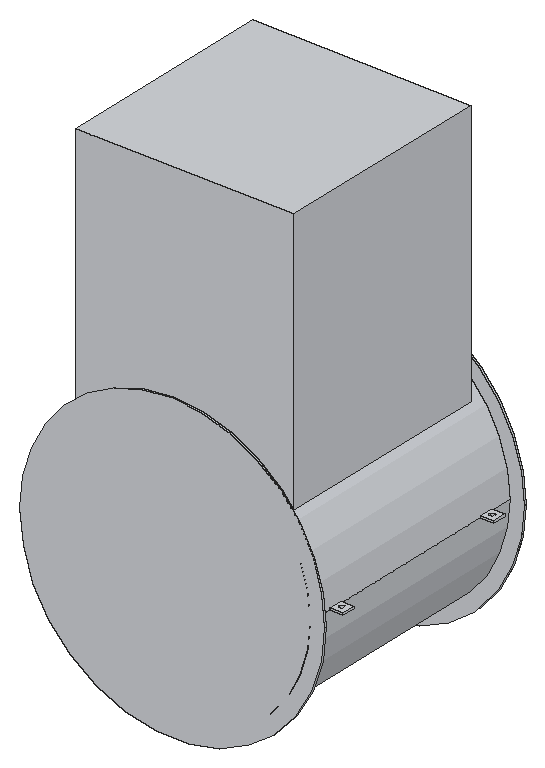
Revit family "AFB-H_Horizontal_Ceiling_Mount", category Mechanical Equipment, Revit 2019
Family settings
  Round Connector Dimension = Use Radius
  Part Type = Normal
  Work Plane-Based = No
  Always vertical = Yes
  Cut with Voids When Loaded = No
  Shared = No
  Room Calculation Point = No
Parameters (values of type "36_AFB-H_HOR_CEILING")
  Unit Weight [instance] = ""
  ModelID [instance] = ""
  M/2 = M / 2  # 0' - 0 11/32"
  M = 0' - 0 11/16"
  L = 0' - 4 1/4"
  K/2 = K / 2  # 1' - 0 3/4"
  K = 2' - 1 1/2"
  J/2 = J / 2  # 1' - 7 9/16"
  J = 3' - 3 1/8"
  CENTER = 0' - 0"  # constant formula
  H-(A/2) = H - (A / 2)  # 2' - 4 3/4"
  H+J = H + CENTER  # 3' - 11 1/4"
  H = 3' - 11 1/4"
  Sones [instance] = ""
  Motor RPM [instance] = ""
  Motor Enclosure [instance] = ""
  LwA [instance] = ""
  G = 6' - 0"
  Fan RPM [instance] = ""
  F/2 = F / 2  # 0' - 0 7/32"
  F = 0' - 0 7/16"
  E/2 = E / 2  # 1' - 5"
  E-2" = E - 0' 2"  # 2' - 8"
  E = 2' - 10"
  C/2+J = C / 2 + CENTER  # 1' - 7 1/2"
  C/2 = C / 2  # 1' - 7 1/2"
  C = 3' - 3"
  B/2 = B / 2  # 1' - 8 11/16"
  B = 3' - 5 3/8"
  Accessories [instance] = ""
  A/3 = A / 2.5  # 1' - 2.8"
  A/2 = A / 2  # 1' - 6 1/2"
  A = 3' - 1"
  60 = 60.00°  # constant formula
  30 = 30.00°  # constant formula
  3" = 0' - 3"  # constant formula
  Brake Hp [instance] = ""
  4" = 0' - 4"  # constant formula
  2' = 2' - 0"
  2" = 0' - 2"  # constant formula
  1" = 0' - 1"  # constant formula
  0 = 0' - 0"  # constant formula
  Voltage [instance] = 0 V
  URL = "www.lorencook.com"
  Type Comments = "Tube Axial Fan Horizontal Ceiling Mount High Temperature Construction Belt Drive Arrangement 9"  # constant formula
  Static Pressure [instance] = 0.00 in-wg
  Power [instance] = Voltage * Motor FLA * sqrt(if(Phase = 3, 3, 1))  # 0 VA
  Phase [instance] = 0
  Number of Poles [instance] = 1
  Motor Hp [instance] = "0"
  Motor FLA [instance] = 0 A
  Model = "AFB-H"  # constant formula
  Manufacturer = "Loren Cook Company"
  CFM [instance] = 0 CFM
  1.5 = 0' - 1 1/2"  # constant formula
  ONE EIGTH = 0' - 0 1/8"  # constant formula
  -E/2 = -E / 2  # -1' - 5"
  -(E-.25")/2 = -(E - 0' 0 1/4") / 2  # -1' - 4 7/8"
  (K/2)-((J-A-.25")/2) = (K / 2) - ((J - A - 0' 0 1/4") / 2)  # 0' - 11 13/16"
  (J-A-.25") = (J - A - 0' 0 1/4")  # 0' - 1 7/8"
  (H-(A/2))/2 = (H - (A / 2)) / 2  # 1' - 2 3/8"
  (E-.25")/2 = (E - 0' 0 1/4") / 2  # 1' - 4 7/8"
  (A+.25")/2 = (A + 0' 0 1/4") / 2  # 1' - 6 5/8"
Types (10): name | M/2 | M | L | K/2 | K | J/2 | J | H-(A/2) | H+J | H | F/2 | F | E/2 | E-2" | E | C/2+J | C/2 | C | B/2 | B | A/3 | A/2 | A | -E/2 | -(E-.25")/2 | (K/2)-((J-A-.25")/2) | (J-A-.25") | (H-(A/2))/2 | (E-.25")/2 | (A+.25")/2
  (no name) | 0' - 0 11/32" | 0' - 0 11/16" | 0' - 4 1/4" | 1' - 0 3/4" | 2' - 1 1/2" | 1' - 7 9/16" | 3' - 3 1/8" | 2' - 4 3/4" | 3' - 11 1/4" | 3' - 11 1/4" | 0' - 0 7/32" | 0' - 0 7/16" | 1' - 5" | 2' - 8" | 2' - 10" | 1' - 7 1/2" | 1' - 7 1/2" | 3' - 3" | 1' - 8 11/16" | 3' - 5 3/8" | 1' - 2.8" | 1' - 6 1/2" | 3' - 1" | -1' - 5" | -1' - 4 7/8" | 0' - 11 13/16" | 0' - 1 7/8" | 1' - 2 3/8" | 1' - 4 7/8" | 1' - 6 5/8"
  12_AFB-H_HOR_CEILING | 0' - 0 7/32" | 0' - 0 7/16" | 0' - 3 1/2" | 0' - 7 1/2" | 1' - 3" | 0' - 7 1/2" | 1' - 3" | 1' - 6 3/16" | 2' - 0 5/8" | 2' - 0 5/8" | 0' - 0 5/32" | 0' - 0 5/16" | 0' - 11" | 1' - 8" | 1' - 10" | 0' - 7 5/16" | 0' - 7 5/16" | 1' - 2 5/8" | 0' - 7 13/16" | 1' - 3 5/8" | 0' - 5.15" | 0' - 6 7/16" | 1' - 0 7/8" | -0' - 11" | -0' - 10 7/8" | 0' - 6 9/16" | 0' - 1 7/8" | 0' - 9 3/32" | 0' - 10 7/8" | 0' - 6 9/16"
  16_AFB-H_HOR_CEILING | 0' - 0 7/32" | 0' - 0 7/16" | 0' - 3 1/2" | 0' - 9" | 1' - 6" | 0' - 9 1/2" | 1' - 7" | 1' - 9 11/16" | 2' - 6 1/8" | 2' - 6 1/8" | 0' - 0 5/32" | 0' - 0 5/16" | 1' - 0 1/2" | 1' - 11" | 2' - 1" | 0' - 9 5/16" | 0' - 9 5/16" | 1' - 6 5/8" | 0' - 9 13/16" | 1' - 7 5/8" | 0' - 6 3/4" | 0' - 8 7/16" | 1' - 4 7/8" | -1' - 0 1/2" | -1' - 0 3/8" | 0' - 8 1/16" | 0' - 1 7/8" | 0' - 10 27/32" | 1' - 0 3/8" | 0' - 8 9/16"
  18_AFB-H_HOR_CEILING | 0' - 0 7/32" | 0' - 0 7/16" | 0' - 3 1/2" | 0' - 9" | 1' - 6" | 0' - 10 1/2" | 1' - 9" | 1' - 9 11/16" | 2' - 7 1/8" | 2' - 7 1/8" | 0' - 0 5/32" | 0' - 0 5/16" | 1' - 0 1/2" | 1' - 11" | 2' - 1" | 0' - 10 5/16" | 0' - 10 5/16" | 1' - 8 5/8" | 0' - 10 13/16" | 1' - 9 5/8" | 0' - 7.55" | 0' - 9 7/16" | 1' - 6 7/8" | -1' - 0 1/2" | -1' - 0 3/8" | 0' - 8 1/16" | 0' - 1 7/8" | 0' - 10 27/32" | 1' - 0 3/8" | 0' - 9 9/16"
  24_AFB-H_HOR_CEILING | 0' - 0 7/32" | 0' - 0 7/16" | 0' - 3 1/2" | 0' - 11 1/2" | 1' - 11" | 1' - 1 1/2" | 2' - 3" | 2' - 3 7/16" | 3' - 3 7/8" | 3' - 3 7/8" | 0' - 0 7/32" | 0' - 0 7/16" | 1' - 3 1/2" | 2' - 5" | 2' - 7" | 1' - 1 7/16" | 1' - 1 7/16" | 2' - 2 7/8" | 1' - 2 9/16" | 2' - 5 1/8" | 0' - 9.95" | 1' - 0 7/16" | 2' - 0 7/8" | -1' - 3 1/2" | -1' - 3 3/8" | 0' - 10 9/16" | 0' - 1 7/8" | 1' - 1 23/32" | 1' - 3 3/8" | 1' - 0 9/16"
  28_AFB-H_HOR_CEILING | 0' - 0 7/32" | 0' - 0 7/16" | 0' - 4" | 0' - 11 1/2" | 1' - 11" | 1' - 3 1/2" | 2' - 7" | 2' - 3 7/16" | 3' - 5 7/8" | 3' - 5 7/8" | 0' - 0 7/32" | 0' - 0 7/16" | 1' - 3 1/2" | 2' - 5" | 2' - 7" | 1' - 3 7/16" | 1' - 3 7/16" | 2' - 6 7/8" | 1' - 4 9/16" | 2' - 9 1/8" | 0' - 11.55" | 1' - 2 7/16" | 2' - 4 7/8" | -1' - 3 1/2" | -1' - 3 3/8" | 0' - 10 9/16" | 0' - 1 7/8" | 1' - 1 23/32" | 1' - 3 3/8" | 1' - 2 9/16"
  32_AFB-H_HOR_CEILING | 0' - 0 11/32" | 0' - 0 11/16" | 0' - 4 1/4" | 1' - 0 3/4" | 2' - 1 1/2" | 1' - 5 3/4" | 2' - 11 1/2" | 2' - 4 3/4" | 3' - 9 1/4" | 3' - 9 1/4" | 0' - 0 7/32" | 0' - 0 7/16" | 1' - 5" | 2' - 8" | 2' - 10" | 1' - 5 1/2" | 1' - 5 1/2" | 2' - 11" | 1' - 6 5/8" | 3' - 1 1/4" | 1' - 1.2" | 1' - 4 1/2" | 2' - 9" | -1' - 5" | -1' - 4 7/8" | 0' - 11 5/8" | 0' - 2 1/4" | 1' - 2 3/8" | 1' - 4 7/8" | 1' - 4 5/8"
  36_AFB-H_HOR_CEILING | 0' - 0 11/32" | 0' - 0 11/16" | 0' - 4 1/4" | 1' - 0 3/4" | 2' - 1 1/2" | 1' - 7 9/16" | 3' - 3 1/8" | 2' - 4 3/4" | 3' - 11 1/4" | 3' - 11 1/4" | 0' - 0 7/32" | 0' - 0 7/16" | 1' - 5" | 2' - 8" | 2' - 10" | 1' - 7 1/2" | 1' - 7 1/2" | 3' - 3" | 1' - 8 11/16" | 3' - 5 3/8" | 1' - 2.8" | 1' - 6 1/2" | 3' - 1" | -1' - 5" | -1' - 4 7/8" | 0' - 11 13/16" | 0' - 1 7/8" | 1' - 2 3/8" | 1' - 4 7/8" | 1' - 6 5/8"
  14_AFB-H_HOR_CEILING | 0' - 0 7/32" | 0' - 0 7/16" | 0' - 3 1/2" | 0' - 7 1/2" | 1' - 3" | 0' - 8 1/2" | 1' - 5" | 1' - 6 3/16" | 2' - 1 5/8" | 2' - 1 5/8" | 0' - 0 5/32" | 0' - 0 5/16" | 0' - 11" | 1' - 8" | 1' - 10" | 0' - 8 5/16" | 0' - 8 5/16" | 1' - 4 5/8" | 0' - 8 13/16" | 1' - 5 5/8" | 0' - 5.95" | 0' - 7 7/16" | 1' - 2 7/8" | -0' - 11" | -0' - 10 7/8" | 0' - 6 9/16" | 0' - 1 7/8" | 0' - 9 3/32" | 0' - 10 7/8" | 0' - 7 9/16"
  20_AFB-H_HOR_CEILING | 0' - 0 7/32" | 0' - 0 7/16" | 0' - 3 1/2" | 1' - 0" | 2' - 0" | 0' - 11 1/2" | 1' - 11" | 1' - 9 11/16" | 2' - 8 1/8" | 2' - 8 1/8" | 0' - 0 7/32" | 0' - 0 7/16" | 1' - 3 1/2" | 2' - 5" | 2' - 7" | 0' - 11 3/16" | 0' - 11 3/16" | 1' - 10 3/8" | 0' - 11 13/16" | 1' - 11 5/8" | 0' - 8.35" | 0' - 10 7/16" | 1' - 8 7/8" | -1' - 3 1/2" | -1' - 3 3/8" | 0' - 11 1/16" | 0' - 1 7/8" | 0' - 10 27/32" | 1' - 3 3/8" | 0' - 10 9/16"
Reference planes (in)
  plane 1 "Center (Front/Back)": y = 0
  plane 2: z = 0
  plane 3 "Center (Left/Right)": x = 0.40541
Forms (in)
  Extrusion 1, solid
    sketch origin (0, 0, 0) x (1, 0, 0) y (0, 0, 1)
      loop
        circle (0.40541, 0) r 20.6875
    from 17 <- "E/2" to -17 <- "-E/2"
  Extrusion 2, void
    sketch origin (0, 0, 0) x (1, 0, 0) y (0, 0, 1)
      loop
        circle (0.40541, 0) r 20.6875
      loop
        circle (0.40541, 0) r 18.625
    from 16.875 <- "(E-.25")/2" to -16.875 <- "-(E-.25")/2"
  Extrusion 3, solid
    sketch origin (0, -16.875, 0) x (-1, 0, 0) y (0, 0, 1)
      loop
        line (14.39459, 11.30711) -> (14.39459, 47.25) -> (-15.20541, 47.25) -> (-15.20541, 11.30711)
        arc (-15.20541, 11.30711) -> (-0.40541, 18.625) -> (14.39459, 11.30711) r 18.625
    from 2 to 32 <- "E-2""
  Extrusion 4, solid
    sketch origin (0, 0, 0) x (1, 0, 0) y (0, 1, 0)
      loop
        line (19.03041, 13.6875) -> (19.03041, 11.8125) -> (20.90541, 11.8125) -> (20.90541, 13.6875) -> (19.03041, 13.6875)
      loop
        line (19.03041, -13.6875) -> (20.90541, -13.6875) -> (20.90541, -11.8125) -> (19.03041, -11.8125) -> (19.03041, -13.6875)
      loop
        line (-18.21959, -13.6875) -> (-18.21959, -11.8125) -> (-20.09459, -11.8125) -> (-20.09459, -13.6875) -> (-18.21959, -13.6875)
      loop
        line (-18.21959, 13.6875) -> (-20.09459, 13.6875) -> (-20.09459, 11.8125) -> (-18.21959, 11.8125) -> (-18.21959, 13.6875)
    from 0 to 0.25
  Extrusion 5, void
    sketch origin (0, 0, 0) x (1, 0, 0) y (0, 1, 0)
      loop
        circle (19.96791, 12.75) r 0.34375
      loop
        circle (-19.15709, 12.75) r 0.34375
      loop
        circle (-19.15709, -12.75) r 0.34375
      loop
        circle (19.96791, -12.75) r 0.34375
    from 0 to 0.25
Cuts and joins
  Extrusion 2, Extrusion 5 cuts Extrusion 1
  Extrusion 5 cuts Extrusion 4
Dimensions and locks (in)
  "0": Extrusion 1 sketch curve to plane 3 "Center (Left/Right)"
  "CENTER": Extrusion 1 sketch curve to level
  "0": Extrusion 2 sketch curve to plane 3 "Center (Left/Right)"  (x2)
  "CENTER": Extrusion 2 sketch curve to level  (x2)
  "0": Extrusion 3 sketch curve to plane 3 "Center (Left/Right)"
  "CENTER": Extrusion 3 sketch curve to level
  "H+J": Extrusion 3 sketch curve to level
  "A/3": plane 3 "Center (Left/Right)" to Extrusion 3 sketch curve  (x2)
  "(J-A-.25")": Extrusion 4 sketch curve to Extrusion 4 sketch curve  (x8)
  "(A+.25")/2": plane 3 "Center (Left/Right)" to Extrusion 4 sketch curve  (x4)
  "(K/2)-((J-A-.25")/2)": plane 1 "Center (Front/Back)" to Extrusion 4 sketch curve  (x4)
  "J/2": plane 3 "Center (Left/Right)" to Extrusion 5 sketch curve  (x4)
  "K/2": plane 1 "Center (Front/Back)" to Extrusion 5 sketch curve  (x4)
  "B/2": radius of Extrusion 1 sketch curve
  "(A+.25")/2": radius of Extrusion 2 sketch curve
  "B/2": radius of Extrusion 2 sketch curve
  "(A+.25")/2": radius of Extrusion 3 sketch curve
  "M/2": radius of Extrusion 5 sketch curve  (x4)
Automatic sketch dimensions
  Extrusion 3 sketch curve to Extrusion 3 sketch curve = 0' - 0"
Connectors (in)
  electrical at (15.20541, 0.125, 29.27855)
    settings: on Extrusion 3, index 1, voltage 0 V, apparent load 0 VA, apparent load phase1 0 VA, apparent load phase2 0 VA, apparent load phase3 0 VA, power factor 1, load classification "Other", number of poles 1, system type 30, power factor state 1, is connector primary yes, connector utility no, sub classification motor no, connector description ""
  hvac at (0.40541, -17, 0), driven by "A/2"
    settings: on cut or joined group of Extrusion 1, Extrusion 2, Extrusion 5, index 2, duct flow 0 CFM, flow factor 0, pres drop 0.00 in-wg, loss coef 0, conn angle 0.00°, conn width 12", conn height 12", conn diameter 37", duct sys type 29, conn prof type 0, flow config 0, flow direction 2, loss method 0, conn ref index -1, conn util no, is conn primary yes, conn desc ""
  hvac at (0.40541, 17, 0), driven by "A/2"
    settings: on cut or joined group of Extrusion 1, Extrusion 2, Extrusion 5, index 3, duct flow 0 CFM, flow factor 0, pres drop 0.00 in-wg, loss coef 0, conn angle 0.00°, conn width 12", conn height 12", conn diameter 37", duct sys type 29, conn prof type 0, flow config 0, flow direction 1, loss method 0, conn ref index -1, conn util no, is conn primary no, conn desc ""
